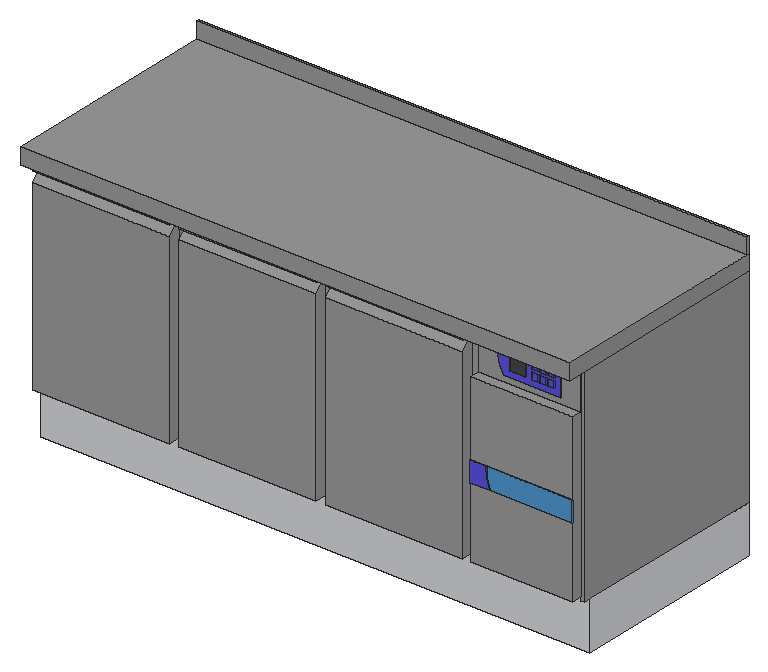
Revit family "Kühltische GN1-1 - Magnos - Eigen", category Sonderausstattung, Revit 2015
Parameters (values of type "650x1725 3-türig")
  Öffnungstiefe = Korpus Tiefe - Rückwand Stärke - 100 mm  # 470 mm
  Öffnungssymbol Grundriss [instance] = yes
  Watt = 400 W
  Wand unten Stärke = 50 mm  # constant formula
  Wand oben Stärke = 50 mm  # constant formula
  Versatz bei Sockel oder Füße [instance] = if(or(Sockel, Füße), 150 mm, 0 mm)  # 150 mm
  Versatz Tür zu Seitenteil = 25 mm
  Türen Stärke = 50 mm  # constant formula
  Türen Lücke = 30 mm
  Türen Höhe = Korpus Höhe - 20 mm  # 630 mm
  Türen Breite = 430 mm
  Türen Anzahl = 3
  Türen Breite halb = Türen Breite / 2  # 215 mm
  Tür_3 = yes
  Tür_2 = yes
  Tür_1 = yes
  Tür 4 [instance] = Türen 1 : 1-fach
  Tür 3 [instance] = Türen 1 : 1-fach
  Tür 2 [instance] = Türen 1 : 1-fach
  Tür 1 [instance] = Türen 1 : 1-fach
  Tiefe [instance] = if(Deckplatte, Platte Tiefe, Korpus Tiefe + Türen Stärke)  # 700 mm
  Temp. Bereich = "0°C bis +10°C"
  Spannung = 230 V
  Sockelhöhe = 150 mm  # constant formula
  Sockel [instance] = yes
  Seitenwand Stärke = 50 mm  # constant formula
  Seitenteilwand Stärke = 15 mm  # constant formula
  Seitenteil Breite = 320 mm
  Scheinleistung = 0 VA
  Pole = 1
  Platte Tiefe = 700 mm  # constant formula
  Platte Stärke = 50 mm
  Pfosten Tiefe = 50 mm  # constant formula
  Rückwand Stärke = 50 mm  # constant formula
  Pfosten Breite = 100 mm  # constant formula
  Pfosten Anzahl = 2
  Pfosten Abstand = Türen Breite + (Türen Lücke / 2)  # 445 mm
  Pfosten 2 = yes
  Pfosten 1 = yes
  Material = Edelstahl AISI 304
  Kältemittel = "R290"
  Kälteleistung = "330 Watt -10°C VT/+32°C UT"
  Korpus Tiefe = Platte Tiefe - 50 mm - 30 mm  # 620 mm
  Korpus Höhe = 650 mm
  Korpus Breite = Breite - Seitenteil Breite - Seitenteilwand Stärke  # 1390 mm
  Kapazität = "3 x 8 x GN1/1"
  Höhe Elektroanschluss = 150 mm
  Höhe [instance] = if(Deckplatte, Korpus Höhe + Versatz bei Sockel oder Füße + Platte Stärke, Korpus Höhe + Versatz bei Sockel oder Füße)  # 850 mm
  Füße Strg [instance] = and(Füße, not(Sockel))  # no
  Füße [instance] = no
  Energieverbrauch = "3,2 kWh/24 h"
  Deckplatte [instance] = yes
  Breite = 1725 mm
  Aufkantung Stärke = 6 mm
  Aufkantung Strg [instance] = and(Deckplatte, Aufkantung)  # yes
  Aufkantung Höhe = 50 mm
  Aufkantung [instance] = yes
  Artnr ohne Platte = "KTM 731160-MS"
  Artnr mit Platte und Aufkantung = "KTM 731161-MS"
  Artnr mit Platte = "KTM 731162-MS"
  Artikelnr. [instance] = if(and(Deckplatte, not(Aufkantung)), Artnr mit Platte, if(and(Deckplatte, Aufkantung), Artnr mit Platte und Aufkantung, Artnr ohne Platte))  # "KTM 731161-MS"
  Abstand Logo = (Korpus Höhe - 120 mm) / 2  # 265 mm
  Abstand Display seitlich = 60 mm
Types (2, lengths in mm): name | Watt | Versatz Tür zu Seitenteil | Türen Lücke | Türen Anzahl | Tür_3 | Pfosten Anzahl | Pfosten Abstand | Pfosten 2 | Korpus Breite | Kapazität | Energieverbrauch | Breite | Artnr ohne Platte | Artnr mit Platte und Aufkantung | Artnr mit Platte | Artikelnr.
  650x1250 2-türig | 380 W | 20 | 20 | 2 | no | 1 | 440 | no | 915 | "2 x 8 x GN1/1" | "2,7 kWh/24 h" | 1250 | "KTM 721160-MS" | "KTM 721161-MS" | "KTM 721162-MS" | "KTM 721161-MS"
  650x1725 3-türig | 400 W | 25 | 30 | 3 | yes | 2 | 445 | yes | 1390 | "3 x 8 x GN1/1" | "3,2 kWh/24 h" | 1725 | "KTM 731160-MS" | "KTM 731161-MS" | "KTM 731162-MS" | "KTM 731161-MS"
Reference planes
  plane 1 "Mitte (Vorne/Hinten)": y = 0
  plane 2: z = 0
  plane 3 "Mitte (Links/Rechts)": x = 0
  plane 4: x = -15
  plane 5: x = -335
  plane 6: x = -385
  plane 7: x = -755
  plane 8: x = -805
  plane 9: x = -855
  plane 10: x = -1215
  plane 11: x = -1265
  plane 12: x = -1315
  plane 13: x = -1675
  plane 14: x = -1725
  plane 15: x = -1775
  plane 16: x = -1675
  plane 17 "SR": x = -1725
  plane 18: y = -50
  plane 19: y = -570
  plane 20: y = -620
  plane 21 "Korpus unten": z = 150
  plane 22: z = 200
  plane 23: z = 750
  plane 24: z = 800
  plane 25: z = 850
  plane 26: z = 900
  plane 27: z = 150
  plane 28 "Türen": z = 160
  plane 29: z = 680
  plane 30: y = -15
  plane 31: y = -700
  plane 32: x = -1710
  plane 33: x = -360
  plane 34: y = -6
  plane 35: x = -1955
  plane 36: x = -1495
  plane 37: x = -1035
  plane 38: x = -575
  plane 39 "Display": y = -640
  plane 40 "Logo": y = -670
  plane 41: x = -228
  plane 42: y = -120
  plane 43: z = 447.5
  plane 44: z = 382.5
  plane 45: z = 415
  plane 46: x = -790
  plane 47: x = -1250
  plane 48: x = -1710
  plane 49: x = -820
  plane 50: x = -1280
  plane 51: x = -1740
  plane 52: x = -1645
  plane 53: y = -80
  plane 54: y = -578
  plane 55: x = -373
  plane 56 "Elektro": z = 150
Forms (mm)
  Extrusion 1, solid, material "Edelstahl AISI 304" <- "Material", visible <- "Pfosten 2", detail levels fine
    sketch origin (0, 0, 0) x (1, 0, 0) y (0, 1, 0)
      loop
        line (-1315, -620) -> (-1215, -620) -> (-1215, -570) -> (-1315, -570) -> (-1315, -620)
    from 200 to 750
  Extrusion 2, solid, material "Edelstahl AISI 304" <- "Material", visible <- "Pfosten 1", detail levels fine
    sketch origin (0, 0, 0) x (1, 0, 0) y (0, 1, 0)
      loop
        line (-855, -620) -> (-755, -620) -> (-755, -570) -> (-855, -570) -> (-855, -620)
    from 200 to 750
  Extrusion 3, solid, material "Edelstahl AISI 304" <- "Material", detail levels fine
    sketch origin (0, 0, 0) x (1, 0, 0) y (0, 0, 1)
      loop
        line (-335, 150) -> (-335, 800) -> (-1725, 800) -> (-1725, 150) -> (-335, 150)
      loop
        line (-1675, 750) -> (-1675, 200) -> (-385, 200) -> (-385, 750) -> (-1675, 750)
    from 0 to 620
  Extrusion 4, solid, material "Edelstahl AISI 304" <- "Material", detail levels fine
    sketch origin (0, 0, 0) x (1, 0, 0) y (0, 0, 1)
      loop
        line (-1675, 750) -> (-1675, 200) -> (-385, 200) -> (-385, 750) -> (-1675, 750)
    from 0 to 50
  Extrusion 5, solid, material "Edelstahl AISI 304" <- "Material", visible <- "Füße Strg", detail levels medium+fine
    sketch origin (0, 0, 0) x (1, 0, 0) y (0, 1, 0)
      loop
        circle (-373, -578) r 20
      loop
        circle (-373, -80) r 20
      loop
        circle (-1645, -80) r 20
      loop
        circle (-1645, -578) r 20
    from 0 to 150
  Extrusion 6, solid, visible <- "Sockel", detail levels medium+fine
    sketch origin (0, 0, 0) x (1, 0, 0) y (0, 1, 0)
      loop
        line (-1725, 0) -> (-1725, -620) -> (0, -620) -> (0, 0) -> (-1725, 0)
    from 0 to 150
  Extrusion 7, solid, material "Edelstahl AISI 304" <- "Material", detail levels medium+fine
    sketch origin (0, 0, 0) x (1, 0, 0) y (0, 1, 0)
      loop
        line (-335, 0) -> (-335, -620) -> (-15, -620) -> (-15, 0) -> (-335, 0)
    from 150 to 800
  Extrusion 8, solid, material "Edelstahl AISI 304" <- "Material", detail levels medium+fine
    sketch origin (0, 0, 0) x (1, 0, 0) y (0, 1, 0)
      loop
        line (-15, 0) -> (-15, -640) -> (0, -640) -> (0, 0) -> (-15, 0)
    from 150 to 800
  Extrusion 9, solid, material "Edelstahl AISI 304" <- "Material", visible <- "Deckplatte", detail levels medium+fine
    sketch origin (0, 0, 0) x (1, 0, 0) y (0, 1, 0)
      loop
        line (-1725, 0) -> (-1725, -700) -> (0, -700) -> (0, 0) -> (-1725, 0)
    from 800 to 850
  Extrusion 10, solid, material "Edelstahl AISI 304" <- "Material", visible <- "Aufkantung Strg", detail levels fine
    sketch origin (0, 0, 0) x (1, 0, 0) y (0, 1, 0)
      loop
        line (-1725, 0) -> (-1725, -6) -> (0, -6) -> (0, 0) -> (-1725, 0)
    from 850 to 900
  Extrusion 11, solid, material "Edelstahl AISI 304" <- "Material", detail levels medium+fine
    sketch origin (0, 0, 0) x (1, 0, 0) y (0, 0, 1)
      loop
        line (-15, 160) -> (-15, 680) -> (-335, 680) -> (-335, 160) -> (-15, 160)
    from 620 to 670
  Extrusion 12, solid, material "Edelstahl AISI 304" <- "Material", detail levels medium+fine
    sketch origin (0, 0, 0) x (1, 0, 0) y (0, 0, 1)
      loop
        line (-335, 800) -> (-335, 680) -> (-15, 680) -> (-15, 800) -> (-335, 800)
    from 620 to 640
  Extrusion 13, solid, material "Logo Blau Dunkel", detail levels fine
    sketch origin (0, -640, 0) x (-1, 0, 0) y (0, 0, 1)
      loop
        line (275, 780) -> (75, 780) -> (75, 700) -> (255, 700)
        arc (255, 700) -> (269.844, 738.789) -> (275, 780) r 172.745
      loop
        line (235, 770) -> (185, 770) -> (185, 720) -> (235, 720) -> (235, 770)
      loop
        line (165, 770) -> (145, 770) -> (145, 750) -> (165, 750) -> (165, 770)
      loop
        line (140, 770) -> (120, 770) -> (120, 750) -> (140, 750) -> (140, 770)
      loop
        line (115, 770) -> (95, 770) -> (95, 750) -> (115, 750) -> (115, 770)
      loop
        line (165, 720) -> (165, 740) -> (145, 740) -> (145, 720) -> (165, 720)
      loop
        line (140, 720) -> (140, 740) -> (120, 740) -> (120, 720) -> (140, 720)
      loop
        line (115, 720) -> (115, 740) -> (95, 740) -> (95, 720) -> (115, 720)
    from 0 to -2
  Extrusion 14, solid, material "Logo Blau Hell", detail levels fine
    sketch origin (0, -670, 0) x (-1, 0, 0) y (0, 0, 1)
      loop
        line (285, 447.5) -> (15, 447.5) -> (15, 382.5) -> (275, 382.5)
        arc (275, 382.5) -> (282.724, 414.581) -> (285, 447.5) r 197.504
    from 0 to -2
  Extrusion 15, solid, material "Logo Blau Dunkel", detail levels fine
    sketch origin (0, -670, 0) x (-1, 0, 0) y (0, 0, 1)
      loop
        line (275, 382.5) -> (335, 382.5) -> (335, 447.5) -> (285, 447.5)
        arc (285, 447.5) -> (282.724, 414.581) -> (275, 382.5) r 197.504
    from 0 to -2
  Extrusion 16, solid, not visible
    sketch origin (0, 0, 150) x (0, -1, 0) y (1, 0, 0)
      loop
        circle (120, -228) r 20
    from 0 to 2
  Extrusion 17, solid, material "Display", detail levels fine
    sketch origin (0, -640, 0) x (-1, 0, 0) y (0, 0, 1)
      loop
        line (235, 770) -> (185, 770) -> (185, 720) -> (235, 720) -> (235, 770)
    from 0 to -2
  Extrusion 18, solid, material "Knöpfe", detail levels fine
    sketch origin (0, -640, 0) x (-1, 0, 0) y (0, 0, 1)
      loop
        line (165, 770) -> (145, 770) -> (145, 750) -> (165, 750) -> (165, 770)
      loop
        line (165, 740) -> (145, 740) -> (145, 720) -> (165, 720) -> (165, 740)
      loop
        line (140, 720) -> (140, 740) -> (120, 740) -> (120, 720) -> (140, 720)
      loop
        line (140, 750) -> (140, 770) -> (120, 770) -> (120, 750) -> (140, 750)
      loop
        line (115, 770) -> (95, 770) -> (95, 750) -> (115, 750) -> (115, 770)
      loop
        line (115, 740) -> (95, 740) -> (95, 720) -> (115, 720) -> (115, 740)
    from 0 to -3
  Extrusion 19, solid, material "Edelstahl AISI 304" <- "Material", detail levels medium
    sketch origin (0, 0, 150) x (-1, 0, 0) y (0, -1, 0)
      loop
        line (1725, 0) -> (1725, 620) -> (335, 620) -> (335, 0) -> (1725, 0)
    from 650 to -2
  Extrusion 20, solid, material "Edelstahl AISI 304" <- "Material", detail levels coarse
    sketch origin (0, 0, 0) x (1, 0, 0) y (0, 1, 0)
      loop
        line (-1725, 0) -> (-1725, -700) -> (0, -700) -> (0, 0) -> (-1725, 0)
    from 850 to -2
Dimensions and locks
  "Rückwand Stärke": plane 18 to plane 1 "Mitte (Vorne/Hinten)"
  "Pfosten Tiefe": plane 19 to plane 20
  "Korpus Tiefe": plane 20 to plane 1 "Mitte (Vorne/Hinten)"
  "Seitenwand Stärke": plane 5 to plane 6
  "Seitenwand Stärke": plane 16 to plane 17 "SR"
  "Seitenteilwand Stärke": plane 3 "Mitte (Links/Rechts)" to plane 4
  "Seitenteil Breite": plane 4 to plane 5
  "Breite": plane 3 "Mitte (Links/Rechts)" to plane 17 "SR"
  "Wand unten Stärke": plane 22 to plane 21 "Korpus unten"
  "Aufkantung Höhe": plane 26 to plane 25
  "Platte Stärke": plane 25 to plane 24
  "Wand oben Stärke": plane 24 to plane 23
  "Korpus Höhe": plane 24 to plane 21 "Korpus unten"
  "Versatz bei Sockel oder Füße": plane 21 "Korpus unten" to level
  "Sockelhöhe": plane 27 to level
  locked: plane 28 "Türen" to plane 21 "Korpus unten" at 10
  locked: plane 24 to plane 29 at 120
  "Seitenteilwand Stärke": plane 30 to plane 1 "Mitte (Vorne/Hinten)"
  "Platte Tiefe": plane 31 to plane 1 "Mitte (Vorne/Hinten)"
  locked: plane 32 to plane 17 "SR" at 15
  "Versatz Tür zu Seitenteil": plane 5 to plane 33
  "Aufkantung Stärke": plane 34 to plane 1 "Mitte (Vorne/Hinten)"
  locked: plane 20 to plane 39 "Display" at 20
  "Türen Stärke": plane 20 to plane 40 "Logo"
  locked: plane 41 to plane 3 "Mitte (Links/Rechts)" at 228
  locked: plane 42 to plane 1 "Mitte (Vorne/Hinten)" at 120
  locked: plane 24 to Extrusion 13 sketch curve at 20
  locked: Extrusion 13 sketch curve to plane 29 at 20
  locked: Extrusion 13 sketch curve to Extrusion 13 sketch curve at 10
  locked: Extrusion 13 sketch curve to Extrusion 13 sketch curve at 20  (x3)
  locked: plane 43 to plane 44 at 65
  "Abstand Logo": plane 29 to plane 45
  locked: Extrusion 14 sketch curve to plane 5 at 50
  locked: Extrusion 14 sketch curve to plane 5 at 60
  equal spacing: plane 43, plane 45, plane 44
  plane 29 to plane 43 = 232.5 mm
  "Türen Breite halb": plane 33 to plane 38
  "Türen Lücke": plane 46 to plane 49
  "Türen Lücke": plane 47 to plane 50
  "Türen Lücke": plane 48 to plane 51
  "Türen Breite halb": plane 49 to plane 37
  "Türen Breite halb": plane 50 to plane 36
  "Türen Breite halb": plane 51 to plane 35
  "Türen Breite": plane 33 to plane 46
  "Türen Breite": plane 49 to plane 47
  "Türen Breite": plane 50 to plane 48
  equal spacing: plane 7, plane 8, plane 9
  equal spacing: plane 10, plane 11, plane 12
  equal spacing: plane 13, plane 14, plane 15
  "Pfosten Breite": plane 13 to plane 15
  "Pfosten Breite": plane 10 to plane 12
  "Pfosten Breite": plane 7 to plane 9
  "Pfosten Abstand": plane 33 to plane 8
  "Pfosten Abstand": plane 49 to plane 11
  "Pfosten Abstand": plane 50 to plane 14
  "Abstand Display seitlich": plane 4 to Extrusion 13 sketch curve
  locked: Extrusion 13 sketch curve to Extrusion 13 sketch curve at 200
  locked: Extrusion 13 sketch curve to Extrusion 13 sketch curve at 180
  Extrusion 13 sketch curve to Extrusion 13 sketch curve to Extrusion 13 sketch curve to Extrusion 13 sketch curve to Extrusion 13 sketch curve to Extrusion 13 sketch curve to Extrusion 13 sketch curve to Extrusion 13 sketch curve to Extrusion 13 sketch curve = 50 mm locked, 20 mm locked, 20 mm locked, 5 mm locked, 20 mm locked, 5 mm locked, 20 mm locked, 20 mm locked
  locked: plane 17 "SR" to plane 52 at 80
  locked: plane 53 to plane 1 "Mitte (Vorne/Hinten)" at 80
  locked: plane 54 to plane 20 at 42
  locked: plane 55 to plane 3 "Mitte (Links/Rechts)" at 373
  "Höhe Elektroanschluss": plane 56 "Elektro" to level
  aligned and locked: level to plane 2
  aligned and locked: plane 23 to Extrusion 2
  aligned and locked: plane 23 to Extrusion 1
  aligned and locked: Extrusion 3 to plane 20
  aligned and locked: Extrusion 2 to plane 22
  aligned and locked: Extrusion 1 to plane 22
  aligned and locked: Extrusion 4 to plane 18
  aligned and locked: plane 27 to Extrusion 5
  aligned and locked: plane 27 to Extrusion 6
  aligned and locked: plane 24 to Extrusion 7
  aligned and locked: Extrusion 7 to plane 21 "Korpus unten"
  aligned and locked: plane 24 to Extrusion 8
  aligned and locked: Extrusion 8 to plane 21 "Korpus unten"
  aligned and locked: plane 25 to Extrusion 9
  aligned and locked: Extrusion 9 to plane 24
  aligned and locked: plane 26 to Extrusion 10
  aligned and locked: Extrusion 10 to plane 25
  aligned and locked: plane 20 to Extrusion 11
  aligned and locked: plane 20 to Extrusion 12
  aligned and locked: Extrusion 12 to plane 39 "Display"
  aligned and locked: plane 39 "Display" to Extrusion 8 sketch curve
  aligned and locked: plane 4 to Extrusion 8 sketch curve
  aligned and locked: Extrusion 8 sketch curve to plane 3 "Mitte (Links/Rechts)"
  aligned and locked: plane 1 "Mitte (Vorne/Hinten)" to Extrusion 8 sketch curve
  aligned and locked: nested 3 to plane 36
  aligned and locked: plane 37 to nested 2
  aligned and locked: plane 38 to nested 1
  aligned and locked: nested 1 to plane 28 "Türen"
  aligned and locked: nested 2 to plane 28 "Türen"
  aligned and locked: nested 3 to plane 28 "Türen"
  aligned and locked: nested 3 to plane 20
  aligned and locked: nested 2 to plane 20
  aligned and locked: nested 1 to plane 20
  aligned and locked: plane 28 "Türen" to Extrusion 11 sketch curve
  aligned and locked: plane 5 to Extrusion 11 sketch curve
  aligned and locked: Extrusion 11 sketch curve to plane 4
  aligned and locked: plane 29 to Extrusion 11 sketch curve
  aligned and locked: Extrusion 10 sketch curve to plane 34
  aligned and locked: nested 1 to Extrusion 11
  aligned and locked: Extrusion 13 sketch curve to Extrusion 13 sketch curve  (x16)
  aligned and locked: Extrusion 14 sketch curve to plane 4
  aligned and locked: Extrusion 15 sketch curve to Extrusion 14
  aligned and locked: plane 44 to Extrusion 15 sketch curve
  aligned and locked: plane 43 to Extrusion 15 sketch curve
  aligned and locked: plane 5 to Extrusion 15 sketch curve
  aligned and locked: Extrusion 17 sketch curve to Extrusion 13  (x4)
  aligned and locked: Extrusion 18 sketch curve to Extrusion 13  (x24)
  aligned and locked: plane 25 to Extrusion 20
  aligned and locked: plane 24 to Extrusion 19
  aligned and locked: plane 1 "Mitte (Vorne/Hinten)" to Extrusion 19 sketch curve
  aligned and locked: plane 17 "SR" to Extrusion 19 sketch curve
  aligned and locked: Extrusion 19 sketch curve to plane 5
  aligned and locked: plane 20 to Extrusion 19 sketch curve
  aligned and locked: Extrusion 20 to plane 17 "SR"
Automatic sketch dimensions
  Extrusion 9 sketch curve to plane 17 "SR" = 0 mm
  Extrusion 9 sketch curve to plane 3 "Mitte (Links/Rechts)" = 0 mm
  Extrusion 9 sketch curve to plane 31 = 0 mm
  plane 1 "Mitte (Vorne/Hinten)" to Extrusion 9 sketch curve = 0 mm
  Extrusion 10 sketch curve to plane 17 "SR" = 0 mm
  Extrusion 10 sketch curve to plane 3 "Mitte (Links/Rechts)" = 0 mm
  plane 1 "Mitte (Vorne/Hinten)" to Extrusion 10 sketch curve = 0 mm
  Extrusion 14 sketch curve to plane 44 = 0 mm
  Extrusion 14 sketch curve to plane 43 = 0 mm
  Extrusion 14 sketch curve to plane 43 = 2.887 mm
  Extrusion 1 sketch curve to plane 12 = 0 mm
  Extrusion 1 sketch curve to plane 10 = 0 mm
  Extrusion 1 sketch curve to plane 20 = 0 mm
  Extrusion 1 sketch curve to plane 19 = 0 mm
  Extrusion 2 sketch curve to plane 9 = 0 mm
  Extrusion 2 sketch curve to plane 7 = 0 mm
  Extrusion 2 sketch curve to plane 20 = 0 mm
  Extrusion 2 sketch curve to plane 19 = 0 mm
  Extrusion 3 sketch curve to plane 17 "SR" = 0 mm
  Extrusion 3 sketch curve to plane 16 = 0 mm
  Extrusion 3 sketch curve to plane 6 = 0 mm
  Extrusion 3 sketch curve to plane 5 = 0 mm
  Extrusion 3 sketch curve to plane 21 "Korpus unten" = 0 mm
  Extrusion 3 sketch curve to plane 22 = 0 mm
  Extrusion 3 sketch curve to plane 23 = 0 mm
  Extrusion 3 sketch curve to plane 24 = 0 mm
  Extrusion 4 sketch curve to plane 16 = 0 mm
  Extrusion 4 sketch curve to plane 6 = 0 mm
  Extrusion 4 sketch curve to plane 22 = 0 mm
  Extrusion 4 sketch curve to plane 23 = 0 mm
  Extrusion 6 sketch curve to plane 17 "SR" = 0 mm
  Extrusion 6 sketch curve to plane 3 "Mitte (Links/Rechts)" = 0 mm
  Extrusion 6 sketch curve to plane 20 = 0 mm
  plane 1 "Mitte (Vorne/Hinten)" to Extrusion 6 sketch curve = 0 mm
  Extrusion 7 sketch curve to plane 5 = 0 mm
  Extrusion 7 sketch curve to plane 4 = 0 mm
  Extrusion 7 sketch curve to plane 20 = 0 mm
  plane 1 "Mitte (Vorne/Hinten)" to Extrusion 7 sketch curve = 0 mm
  Extrusion 12 sketch curve to plane 5 = 0 mm
  Extrusion 12 sketch curve to plane 4 = 0 mm
  Extrusion 12 sketch curve to plane 29 = 0 mm
  Extrusion 12 sketch curve to plane 24 = 0 mm
  Extrusion 5 sketch curve to plane 52 = 0 mm  (x2)
  plane 53 to Extrusion 5 sketch curve = 0 mm  (x2)
  Extrusion 5 sketch curve to plane 55 = 0 mm  (x2)
  Extrusion 5 sketch curve to plane 54 = 0 mm  (x2)
  Extrusion 16 sketch curve to plane 41 = 0 mm
  Extrusion 16 sketch curve to plane 42 = 0 mm
  plane 14 to Extrusion 20 sketch curve = 0 mm
  Extrusion 20 sketch curve to plane 3 "Mitte (Links/Rechts)" = 0 mm
  Extrusion 20 sketch curve to plane 31 = 0 mm
  plane 1 "Mitte (Vorne/Hinten)" to Extrusion 20 sketch curve = 0 mm
  Extrusion 13 sketch curve to Extrusion 13 sketch curve = 7.257 mm
  radius of Extrusion 5 sketch curve = 20 mm  (x4)
  radius of Extrusion 16 sketch curve = 20 mm
Nested families
  nested 1: "Türen 1" at (-575, -620, 160), Tür Höhe <- "Türen Höhe", Tür Breite <- "Türen Breite", visible <- "Tür_1", type <- "Tür 1", type "1-fach"
    with Tür Höhe 3 von 3 203 mm, Tür Höhe 2 von 3 203 mm, Tür Höhe 2 von 2 ungleich 417 mm, Tür Höhe 2 von 2 gleich 310 mm, Tür Höhe 1 von 3 203 mm, Tür Höhe 1 von 2 ungleich 203 mm, Tür Höhe 1 von 2 gleich 310 mm, Tür Höhe 630 mm, Tür Breite 430 mm, Lücke 2 10 mm, Lücke 1 10.5 mm
  nested 2: "Türen 1" at (-1035, -620, 160), Tür Höhe <- "Türen Höhe", Tür Breite <- "Türen Breite", visible <- "Tür_2", type <- "Tür 2", type "1-fach"
    with Tür Höhe 3 von 3 203 mm, Tür Höhe 2 von 3 203 mm, Tür Höhe 2 von 2 ungleich 417 mm, Tür Höhe 2 von 2 gleich 310 mm, Tür Höhe 1 von 3 203 mm, Tür Höhe 1 von 2 ungleich 203 mm, Tür Höhe 1 von 2 gleich 310 mm, Tür Höhe 630 mm, Tür Breite 430 mm, Lücke 2 10 mm, Lücke 1 10.5 mm
  nested 3: "Türen 1" at (-1495, -620, 160), Tür Höhe <- "Türen Höhe", Tür Breite <- "Türen Breite", visible <- "Tür_3", type <- "Tür 3", type "1-fach"
    with Tür Höhe 3 von 3 203 mm, Tür Höhe 2 von 3 203 mm, Tür Höhe 2 von 2 ungleich 417 mm, Tür Höhe 2 von 2 gleich 310 mm, Tür Höhe 1 von 3 203 mm, Tür Höhe 1 von 2 ungleich 203 mm, Tür Höhe 1 von 2 gleich 310 mm, Tür Höhe 630 mm, Tür Breite 430 mm, Lücke 2 10 mm, Lücke 1 10.5 mm
Connectors
  electrical at (-228, -120, 150), driven by "Spannung", driven by "Scheinleistung", driven by "Pole"
    settings: on Extrusion 16, index 1, voltage 230 V, apparent load 0 VA, apparent load phase1 0 VA, apparent load phase2 0 VA, apparent load phase3 0 VA, power factor 1, load classification "Sonstige", number of poles 1, system type 31, power factor state 1, is connector primary yes, connector utility no, sub classification motor no, connector description ""
Definition of nested family "Türen 1"
  Parameters (values of type "2-fach gleich")
    Öffnungstiefe = 375.348 mm
    Öffnungssymbol Grundriss = yes
    Türflügel Stärke = 35 mm
    Tür Stärke = 50 mm
    Tür Höhe 2 von 2 ungleich [instance] = Tür Höhe - Tür Höhe 1 von 2 ungleich - 10 mm  # 417 mm
    Tür Höhe 2 von 2 gleich [instance] = (Tür Höhe - Lücke 2) / 2  # 310 mm
    Tür Höhe 1 von 2 ungleich [instance] = (Tür Höhe - (Lücke 1 * 2)) / 3  # 203 mm
    Tür Höhe 1 von 2 gleich [instance] = (Tür Höhe - Lücke 2) / 2  # 310 mm
    Tür Höhe [instance] = 630 mm
    Tür Breite [instance] = 430 mm
    Tür Höhe 3 von 3 [instance] = (Tür Höhe - (Lücke 1 * 2)) / 3  # 203 mm
    Tür Höhe 2 von 3 [instance] = (Tür Höhe - (Lücke 1 * 2)) / 3  # 203 mm
    Tür Höhe 1 von 3 [instance] = (Tür Höhe - (Lücke 1 * 2)) / 3  # 203 mm
    Material = none
    Lücke 2 [instance] = 10 mm
    Lücke 1 [instance] = 10.5 mm
    Dichtung Stärke = Tür Stärke - Türflügel Stärke  # 15 mm
    3-fach = no
    2-fach ungleich = no
    2-fach gleich = yes
    1-fach = no
  Types (3, lengths in mm): name | Tür Höhe 2 von 2 gleich | Tür Höhe 1 von 2 gleich | Lücke 2 | 3-fach | 2-fach gleich | 1-fach
    3-fach gleich | 310 | 310 | 10 | yes | no | no
    2-fach gleich | 310 | 310 | 10 | no | yes | no
    1-fach | 309.75 | 309.75 | 10.5 | no | no | yes
  Reference planes
    plane 1 "Mitte (Vorne/Hinten)": y = 0
    plane 2: z = 0
    plane 3 "Mitte (Links/Rechts)": x = 0
    plane 4: x = 215
    plane 5: x = -215
    plane 6: y = -50
    plane 7: y = -15
    plane 8: z = 630
    plane 9: z = 417
    plane 10: z = 427
    plane 11: z = 320
    plane 12: z = 310
    plane 13: z = 427
    plane 14: z = 416.5
    plane 15: z = 213.5
    plane 16: z = 203
    plane 17: y = -425.348
  Forms (mm)
    Extrusion 1, solid, material <- "Material", visible <- "1-fach", detail levels fine
      sketch origin (0, 0, 0) x (0, 1, 0) y (0, 0, 1)
        loop
          line (-50, 0) -> (-15, 0) -> (-15, 630) -> (-50, 630) -> (-50, 615) -> (-48, 615) -> (-48, 628) -> (-17, 628) -> (-17, 615) -> (-50, 582) -> (-50, 0)
      from -215 to 215
    Extrusion 2, solid, material <- "Material", visible <- "2-fach gleich", detail levels fine
      sketch origin (0, 0, 0) x (0, 1, 0) y (0, 0, 1)
        loop
          line (-50, 0) -> (-15, 0) -> (-15, 310) -> (-50, 310) -> (-50, 295) -> (-48, 295) -> (-48, 308) -> (-17, 308) -> (-17, 295) -> (-50, 262) -> (-50, 0)
        loop
          line (-50, 320) -> (-15, 320) -> (-15, 630) -> (-50, 630) -> (-50, 615) -> (-48, 615) -> (-48, 628) -> (-17, 628) -> (-17, 615) -> (-50, 582) -> (-50, 320)
      from -215 to 215
    Extrusion 3, solid, material <- "Material", visible <- "3-fach", detail levels fine
      sketch origin (0, 0, 0) x (0, 1, 0) y (0, 0, 1)
        loop
          line (-50, 0) -> (-15, 0) -> (-15, 203) -> (-50, 203) -> (-50, 188) -> (-48, 188) -> (-48, 201) -> (-17, 201) -> (-17, 188) -> (-50, 155) -> (-50, 0)
        loop
          line (-50, 427) -> (-15, 427) -> (-15, 630) -> (-50, 630) -> (-50, 615) -> (-48, 615) -> (-48, 628) -> (-17, 628) -> (-17, 615) -> (-50, 582) -> (-50, 427)
        loop
          line (-50, 213.5) -> (-15, 213.5) -> (-15, 416.5) -> (-50, 416.5) -> (-50, 401.5) -> (-48, 401.5) -> (-48, 414.5) -> (-17, 414.5) -> (-17, 401.5) -> (-50, 368.5) -> (-50, 213.5)
      from -215 to 215
    Extrusion 4, solid, material <- "Material", visible <- "1-fach", detail levels medium
      sketch origin (0, 0, 0) x (1, 0, 0) y (0, 0, 1)
        loop
          line (-215, 630) -> (-215, 0) -> (215, 0) -> (215, 630) -> (-215, 630)
      from 0 to 50
    Extrusion 5, solid, material <- "Material", visible <- "2-fach gleich", detail levels medium
      sketch origin (0, 0, 0) x (1, 0, 0) y (0, 0, 1)
        loop
          line (-215, 630) -> (-215, 320) -> (215, 320) -> (215, 630) -> (-215, 630)
        loop
          line (215, 0) -> (215, 310) -> (-215, 310) -> (-215, 0) -> (215, 0)
      from 0 to 50
    Extrusion 6, solid, material <- "Material", visible <- "3-fach", detail levels medium
      sketch origin (0, 0, 0) x (1, 0, 0) y (0, 0, 1)
        loop
          line (-215, 630) -> (-215, 427) -> (215, 427) -> (215, 630) -> (-215, 630)
        loop
          line (-215, 213.5) -> (215, 213.5) -> (215, 416.5) -> (-215, 416.5) -> (-215, 213.5)
        loop
          line (-215, 0) -> (215, 0) -> (215, 203) -> (-215, 203) -> (-215, 0)
      from 0 to 50
  Lines and regions (mm)
    symbolic lines, visible <- "Öffnungssymbol Grundriss"
      curve 1: line (-215, -15, 0) -> (-215, -425.348, 0)
      curve 2: line (-215, -425.348, 0) -> (215, -425.348, 0)
      curve 3: line (215, -425.348, 0) -> (215, -15, 0)
      curve 4: line (0, -100.348, 0) -> (0, -375.348, 0)
      curve 5: line (0, -100.348, 0) -> (24.749, -125.096, 0)
      curve 6: line (0, -100.348, 0) -> (-24.749, -125.096, 0)
      curve 7: line (0, -375.348, 0) -> (24.749, -350.599, 0)
      curve 8: line (0, -375.348, 0) -> (-24.749, -350.599, 0)
  Dimensions and locks
    "Dichtung Stärke": plane 7 to plane 1 "Mitte (Vorne/Hinten)"
    "Tür Stärke": plane 1 "Mitte (Vorne/Hinten)" to plane 6
    "Tür Höhe": plane 8 to level
    equal spacing: plane 4, plane 3 "Mitte (Links/Rechts)", plane 5
    "Tür Breite": plane 4 to plane 5
    locked: Extrusion 1 sketch curve to plane 7 at 2
    locked: plane 6 to Extrusion 1 sketch curve at 2
    locked: plane 8 to Extrusion 1 sketch curve at 2
    locked: plane 8 to Extrusion 1 sketch curve at 15  (x2)
    "Tür Höhe 2 von 2 ungleich": plane 9 to level
    "Tür Höhe 1 von 2 ungleich": plane 8 to plane 10
    "Tür Höhe 1 von 2 gleich": plane 8 to plane 11
    "Tür Höhe 2 von 2 gleich": plane 12 to level
    "Lücke 1": plane 16 to plane 15
    "Lücke 1": plane 13 to plane 14
    "Tür Höhe 1 von 3": plane 8 to plane 13
    "Tür Höhe 3 von 3": plane 16 to level
    "Öffnungstiefe": plane 6 to plane 17
    locked: plane 6 to curve 4 at 50.348
    locked: curve 4 to plane 17 at 50
    locked: Extrusion 1 sketch curve to Extrusion 1 sketch curve (angle 135.00°)
    locked: Extrusion 2 sketch curve to Extrusion 2 sketch curve (angle 135.00°)  (x2)
    locked: Extrusion 3 sketch curve to Extrusion 3 sketch curve (angle 135.00°)  (x3)
    aligned and locked: level to plane 2
    aligned and locked: Extrusion 1 sketch curve to level
    aligned and locked: Extrusion 1 sketch curve to plane 6  (x2)
    aligned and locked: plane 7 to Extrusion 1 sketch curve
    aligned and locked: plane 8 to Extrusion 1 sketch curve
    aligned and locked: Extrusion 1 to plane 5
    aligned and locked: plane 4 to Extrusion 1
    aligned and locked: plane 12 to Extrusion 2 sketch curve
    aligned and locked: plane 11 to Extrusion 2 sketch curve
    aligned and locked: Extrusion 2 sketch curve to level
    aligned and locked: plane 8 to Extrusion 2 sketch curve
    aligned and locked: Extrusion 2 sketch curve to plane 6  (x3)
    aligned and locked: plane 7 to Extrusion 2 sketch curve  (x2)
    aligned and locked: Extrusion 2 to plane 5
    aligned and locked: plane 4 to Extrusion 2
    aligned and locked: Extrusion 3 sketch curve to plane 6  (x3)
    aligned and locked: plane 7 to Extrusion 3 sketch curve  (x2)
    aligned and locked: Extrusion 3 sketch curve to level
    aligned and locked: plane 16 to Extrusion 3 sketch curve
    aligned and locked: plane 14 to Extrusion 3 sketch curve
    aligned and locked: Extrusion 3 sketch curve to plane 15
    aligned and locked: curve 4 to plane 3 "Mitte (Links/Rechts)"
    aligned and locked: Extrusion 4 to plane 6
    aligned and locked: Extrusion 5 to plane 6
    aligned and locked: Extrusion 6 to plane 6
  Automatic sketch dimensions
    Extrusion 2 sketch curve to plane 6 = 0 mm
    plane 6 to Extrusion 2 sketch curve = 2 mm  (x2)
    Extrusion 2 sketch curve to plane 7 = 2 mm  (x2)
    Extrusion 2 sketch curve to plane 12 = 15 mm  (x2)
    Extrusion 2 sketch curve to plane 12 = 2 mm
    Extrusion 2 sketch curve to plane 8 = 15 mm
    Extrusion 2 sketch curve to Extrusion 2 sketch curve = 15 mm
    Extrusion 2 sketch curve to plane 8 = 2 mm
    Extrusion 3 sketch curve to plane 6 = 0 mm  (x3)
    Extrusion 3 sketch curve to plane 7 = 0 mm
    plane 10 to Extrusion 3 sketch curve = 0 mm
    Extrusion 3 sketch curve to plane 8 = 0 mm
    plane 6 to Extrusion 3 sketch curve = 2 mm  (x3)
    Extrusion 3 sketch curve to plane 7 = 2 mm  (x3)
    plane 16 to Extrusion 3 sketch curve = 15 mm
    plane 16 to Extrusion 3 sketch curve = 2 mm
    Extrusion 3 sketch curve to Extrusion 3 sketch curve = 15 mm
    Extrusion 3 sketch curve to plane 8 = 15 mm
    Extrusion 3 sketch curve to plane 8 = 2 mm
    Extrusion 3 sketch curve to plane 14 = 2 mm
    Extrusion 3 sketch curve to Extrusion 3 sketch curve = 13 mm  (x3)
    curve 1 to plane 5 = 0 mm
    curve 3 to plane 4 = 0 mm
    curve 1 to plane 17 = 0 mm
    curve 1 to plane 7 = 0 mm
    curve 3 to plane 7 = 0 mm
    curve 6 to plane 3 "Mitte (Links/Rechts)" = 24.749 mm
    curve 8 to plane 3 "Mitte (Links/Rechts)" = 24.749 mm
    plane 3 "Mitte (Links/Rechts)" to curve 5 = 24.749 mm
    plane 3 "Mitte (Links/Rechts)" to curve 7 = 24.749 mm
    curve 4 to curve 8 = 24.749 mm
    curve 6 to curve 4 = 24.749 mm
    Extrusion 4 sketch curve to level = 0 mm
    Extrusion 4 sketch curve to plane 5 = 0 mm
    Extrusion 4 sketch curve to plane 4 = 0 mm
    Extrusion 4 sketch curve to plane 8 = 0 mm
    Extrusion 5 sketch curve to plane 5 = 0 mm  (x2)
    Extrusion 5 sketch curve to level = 0 mm
    Extrusion 5 sketch curve to plane 4 = 0 mm  (x2)
    Extrusion 5 sketch curve to plane 12 = 0 mm
    Extrusion 5 sketch curve to plane 11 = 0 mm
    Extrusion 5 sketch curve to plane 8 = 0 mm
    Extrusion 6 sketch curve to plane 5 = 0 mm  (x3)
    Extrusion 6 sketch curve to level = 0 mm
    Extrusion 6 sketch curve to plane 4 = 0 mm  (x3)
    Extrusion 6 sketch curve to plane 16 = 0 mm
    Extrusion 6 sketch curve to plane 15 = 0 mm
    Extrusion 6 sketch curve to plane 14 = 0 mm
    Extrusion 6 sketch curve to plane 10 = 0 mm
    Extrusion 6 sketch curve to plane 8 = 0 mm
